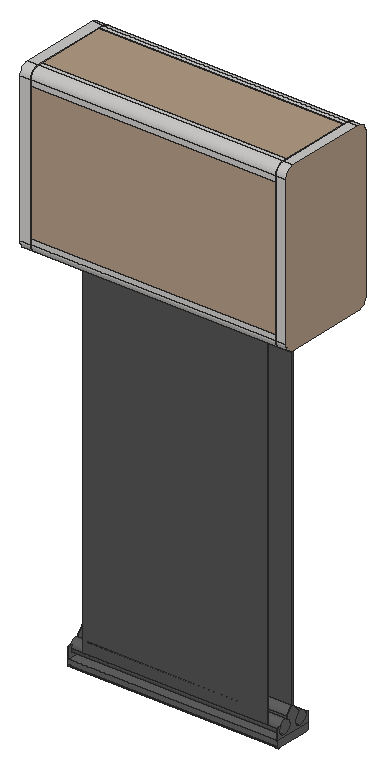
Revit family "Acoustic-Control_Wenger_Transform-Banner-Fabric-Fabric", category Generic Models, Revit 2016
Family settings
  Part Type = Normal
  Can host rebar = No
  Round Connector Dimension = Use Diameter
  Work Plane-Based = Yes
  Always vertical = No
  Cut with Voids When Loaded = No
  Shared = No
  Room Calculation Point = No
Parameters (values of type "Velour Extra Wide Fabric")
  percentopenamount [instance] = if(Percent Open = 0, 0' 0", if(Percent Open = 100, Banner Length, Banner Length / (100 / Percent Open)))  # 3' - 9"
  Warranty Duration (Years) = 0
  Unit Width = 2' - 8"
  Unit Height = 1' - 8"
  Unit Depth = 1' - 0"
  URL = "https://www.wengercorp.com/"
  Standards Conformance = "Fabrics IFR Rated"
  Specification = "http://www.arcat.com/sdspecs/htm04/11_60_01wen.htm"
  SpecWizard = "http://www.arcat.com/specwizard/11061wen/index04.htm"
  Sales Information = "https://www.wengercorp.com/contact-us.php"
  Revision = "R1_2017-12"
  Rear Fabric [instance] = Fabric - Wenger - Black Type as Specified
  Product Properties = ""
  Product Data = "http://www.arcat.com/arcatcos/cos36/arc36487.html"
  Percent Open [instance] = 25
  No Endcaps [instance] = not(Exposed Housing_Endcaps)  # no
  Model = "Transform Fabric Fabric"
  Manufacturer Website = "https://www.wengercorp.com/"
  Manufacturer Phone - Toll Free = ""
  Manufacturer Phone = ""
  Manufacturer Fax = ""
  Manufacturer Address = ""
  Manufacturer = "Wenger Corporation"
  Maintenance Schedule (Months) = 0
  Leading Edge of Banner from Wall [instance] = 0' - 9"
  Keynote = "11 60 01"
  Installation-Fabrication = ""
  Installation Phase = ""
  Green Building-LEED = "http://www.arcat.com/green/clients/leed_data_36487.html"
  Front Fabric [instance] = Fabric - Wenger - Black Type as Specified
  Fixture Finish [instance] = Finish - Wenger - Woodgrain as Specified
  Exposed Housing_Endcaps [instance] = yes
  Expected Lifespan (Years) = 0
  Drawn By = "Sumex Design, Inc. / Robert S. Weygant, CSI, CDT, SCIP"
  Description = "Wenger Wall Mounted Motorized Acoustic Banner - Transform Fabric Fabric as Specified"
  Default Elevation = 0' - 0"
  Copyright = "©Arcat Inc."
  Construction Details = "http://www.arcat.com/details/wengerco/wengerco.html?coid=36487"
  Banner Width Range = "71.5\" - 124.5\""
  Banner Length Range = "Up to 15 ft"
  Banner Length = 15' - 0"
  Banner Lead Material [instance] = Finish - Wenger - Black
  Assembly Code = "E1020300"
  Accent Material [instance] = Finish - Wenger - Metal as Specified
Types (4): name | Banner Width Range | Banner Length Range
  Wool Extra Wide Fabric | "68.5\" - 124.5\"" | "Up to 15 ft"
  Velour Extra Wide Fabric | "71.5\" - 124.5\"" | "Up to 15 ft"
  Wool Standard Width Fabric | "38.5\" - 64.5\"" | "Up to 30 ft"
  Velour Standard Width Fabric | "38.5\" - 70.5\"" | "Up to 30 ft"
Reference planes (in)
  plane 1 "Center (Front/Back)": y = 0
  plane 2 "Bottom": z = 0
  plane 3 "Center (Left/Right)": x = 0
  plane 4 "Front": y = -6
  plane 5 "Back": y = 6
  plane 6 "Left": x = -11.125
  plane 7 "Right": x = 11.125
  plane 8: x = -12.625
  plane 9: x = 12.625
  plane 10: x = 14.875
  plane 11: x = -14.875
  plane 12: x = -16
  plane 13: x = 16
  plane 14: x = 14.75
  plane 15: x = -14.75
  plane 16: y = -3
  plane 17: y = 1.5
  plane 18: z = -45
  plane 19: z = 20
Forms (in)
  Extrusion 1, solid, material "Finish - Wenger - Metal as Specified" <- "Accent Material"
    sketch origin (0, 0, 0) x (0, 1, 0) y (0, 0, 1)
      loop
        line (-4.24997, 0) -> (-4.24997, 0.29374) -> (-4.11722, 0.29374) -> (-4.11722, 1.00344) -> (-5.00111, 1.88732) -> (-5.83561, 1.88732) -> (-5.83561, 1.76369) -> (-6, 1.76369) -> (-6, 1.125)
        arc (-6, 1.125) -> (-5.6705, 0.3295) -> (-4.875, 0) r 1.125
        line (-4.875, 0) -> (-4.24997, 0)
      loop
        line (-4.24997, 20) -> (-4.875, 20)
        arc (-4.875, 20) -> (-5.6705, 19.6705) -> (-6, 18.875) r 1.125
        line (-6, 18.875) -> (-6, 18.23631) -> (-5.83561, 18.23631) -> (-5.83561, 18.11268) -> (-5.00111, 18.11268) -> (-4.11722, 18.99656) -> (-4.11722, 19.70626) -> (-4.24997, 19.70626) -> (-4.24997, 20)
      loop
        line (4.24997, 0) -> (4.875, 0)
        arc (4.875, 0) -> (5.6705, 0.3295) -> (6, 1.125) r 1.125
        line (6, 1.125) -> (6, 1.76369) -> (5.83561, 1.76369) -> (5.83561, 1.88732) -> (5.00111, 1.88732) -> (4.11722, 1.00344) -> (4.11722, 0.29374) -> (4.24997, 0.29374) -> (4.24997, 0)
      loop
        line (4.24997, 20) -> (4.24997, 19.70626) -> (4.11722, 19.70626) -> (4.11722, 18.99656) -> (5.00111, 18.11268) -> (5.83561, 18.11268) -> (5.83561, 18.23631) -> (6, 18.23631) -> (6, 18.875)
        arc (6, 18.875) -> (5.6705, 19.6705) -> (4.875, 20) r 1.125
        line (4.875, 20) -> (4.24997, 20)
    from -14.75 to 14.75
  Extrusion 2, solid, material "Finish - Wenger - Woodgrain as Specified" <- "Fixture Finish"
    sketch origin (0, 0, 0) x (0, 1, 0) y (0, 0, 1)
      loop
        line (-6, 1.76369) -> (-5.83561, 1.76369) -> (-5.83561, 1.88732) -> (-5.00111, 1.88732) -> (-5.00111, 5.38732) -> (5.00111, 5.38732) -> (5.00111, 1.88732) -> (5.83561, 1.88732) -> (5.83561, 1.76369) -> (6, 1.76369) -> (6, 18.23631) -> (4.24997, 18.23631) -> (4.24997, 20) -> (-4.24997, 20) -> (-4.24997, 18.23631) -> (-6, 18.23631) -> (-6, 1.76369)
    from -14.75 to 14.75
  Extrusion 3, solid, material "Finish - Wenger - Metal as Specified" <- "Accent Material", visible <- "No Endcaps"
    sketch origin (14.875, 19.20673, 48) x (0, 1, 0) y (0, 0, 1)
      loop
        line (-24.08173, -48) -> (-14.33173, -48)
        arc (-14.33173, -48) -> (-13.53624, -47.6705) -> (-13.20673, -46.875) r 1.125
        line (-13.20673, -46.875) -> (-13.20673, -29.125)
        arc (-13.20673, -29.125) -> (-13.53624, -28.3295) -> (-14.33173, -28) r 1.125
        line (-14.33173, -28) -> (-24.08173, -28)
        arc (-24.08173, -28) -> (-24.87723, -28.3295) -> (-25.20673, -29.125) r 1.125
        line (-25.20673, -29.125) -> (-25.20673, -46.875)
        arc (-25.20673, -46.875) -> (-24.87723, -47.6705) -> (-24.08173, -48) r 1.125
    from 0 to -0.125
  Extrusion 4, solid, material "Finish - Wenger - Metal as Specified" <- "Accent Material", visible <- "No Endcaps"
    sketch origin (-14.875, 19.20673, 48) x (0, 1, 0) y (0, 0, 1)
      loop
        line (-24.08173, -48) -> (-14.33173, -48)
        arc (-14.33173, -48) -> (-13.53624, -47.6705) -> (-13.20673, -46.875) r 1.125
        line (-13.20673, -46.875) -> (-13.20673, -29.125)
        arc (-13.20673, -29.125) -> (-13.53624, -28.3295) -> (-14.33173, -28) r 1.125
        line (-14.33173, -28) -> (-24.08173, -28)
        arc (-24.08173, -28) -> (-24.87723, -28.3295) -> (-25.20673, -29.125) r 1.125
        line (-25.20673, -29.125) -> (-25.20673, -46.875)
        arc (-25.20673, -46.875) -> (-24.87723, -47.6705) -> (-24.08173, -48) r 1.125
    from 0 to 0.125
  Extrusion 5, solid, material "Finish - Wenger - Black" <- "Banner Lead Material"
    sketch origin (0, 0, -83.23802) x (0, 1, 0) y (0, 0, 1)
      loop
        line (-3, 39.11302) -> (-3, 38.44114)
        arc (-3, 38.44114) -> (-2.94051, 38.29751) -> (-2.79687, 38.23802) r 0.20312
        line (-2.79687, 38.23802) -> (1.29726, 38.23802)
        arc (1.29726, 38.23802) -> (1.44062, 38.2974) -> (1.5, 38.44076) r 0.20274
        line (1.5, 38.44076) -> (1.5, 39.11302) -> (-3, 39.11302)
    from -12.625 to 12.625
  Extrusion 6, solid, material "Finish - Wenger - Black" <- "Banner Lead Material"
    sketch origin (-12.625, 19.20673, -35.23802) x (0, 1, 0) y (0, 0, 1)
      loop
        line (-22.20673, -8.88698) -> (-17.70673, -8.88698) -> (-17.70673, -7.63698) -> (-19.20673, -7.23506) -> (-19.20673, -6.86995) -> (-19.7434, -6.23038)
        arc (-19.7434, -6.23038) -> (-19.95673, -6.1309) -> (-20.17007, -6.23038) r 0.27849
        line (-20.17007, -6.23038) -> (-20.70673, -6.86995) -> (-20.70673, -7.23506) -> (-22.20673, -7.63698) -> (-22.20673, -8.88698)
    from 0 to 0.125
  Extrusion 7, solid, material "Finish - Wenger - Black" <- "Banner Lead Material"
    sketch origin (12.625, 19.20673, -35.23802) x (0, 1, 0) y (0, 0, 1)
      loop
        line (-22.20673, -8.88698) -> (-17.70673, -8.88698) -> (-17.70673, -7.63698) -> (-19.20673, -7.23506) -> (-19.20673, -6.86995) -> (-19.7434, -6.23038)
        arc (-19.7434, -6.23038) -> (-19.95673, -6.1309) -> (-20.17007, -6.23038) r 0.27849
        line (-20.17007, -6.23038) -> (-20.70673, -6.86995) -> (-20.70673, -7.23506) -> (-22.20673, -7.63698) -> (-22.20673, -8.88698)
    from 0 to -0.125
  Extrusion 8, solid, material "Finish - Wenger - Black" <- "Banner Lead Material"
    sketch origin (0, 0, -83.23802) x (0, 1, 0) y (0, 0, 1)
      loop
        circle (-1.93916, 40.1571) r 0.75
      loop
        circle (0.43916, 40.1571) r 0.75
    from -12.625 to 12.625
  Extrusion 9, solid, material "Fabric - Wenger - Black Type as Specified" <- "Front Fabric"
    sketch origin (0, 0, 0) x (0, 1, 0) y (0, 0, 1)
      loop
        line (-2.68916, -43.08092) -> (-2.54218, -43.08092) -> (-2.54218, 5.38732) -> (-2.68916, 5.38732) -> (-2.68916, -43.08092)
    from -11.125 to 11.125
  Extrusion 10, solid, material "Fabric - Wenger - Black Type as Specified" <- "Rear Fabric"
    sketch origin (0, 3.73134, 0) x (0, 1, 0) y (0, 0, 1)
      loop
        line (-2.68916, -43.08092) -> (-2.54218, -43.08092) -> (-2.54218, 5.38732) -> (-2.68916, 5.38732) -> (-2.68916, -43.08092)
    from -11.125 to 11.125
  Extrusion 11, solid, material "Finish - Wenger - Woodgrain as Specified" <- "Fixture Finish"
    sketch origin (0, 0, 0) x (0, 1, 0) y (0, 0, 1)
      loop
        line (4.875, 20) -> (-4.875, 20)
        arc (-4.875, 20) -> (-5.6705, 19.6705) -> (-6, 18.875) r 1.125
        line (-6, 18.875) -> (-6, 1.125)
        arc (-6, 1.125) -> (-5.6705, 0.3295) -> (-4.875, 0) r 1.125
        line (-4.875, 0) -> (4.875, 0)
        arc (4.875, 0) -> (5.6705, 0.3295) -> (6, 1.125) r 1.125
        line (6, 1.125) -> (6, 18.875)
        arc (6, 18.875) -> (5.6705, 19.6705) -> (4.875, 20) r 1.125
    from 14.75 to 16
  Extrusion 12, solid, material "Finish - Wenger - Woodgrain as Specified" <- "Fixture Finish"
    sketch origin (0, 0, 0) x (0, 1, 0) y (0, 0, -1)
      loop
        arc (4.875, -20) -> (5.6705, -19.6705) -> (6, -18.875) r 1.125
        line (6, -18.875) -> (6, -1.125)
        arc (6, -1.125) -> (5.6705, -0.3295) -> (4.875, 0) r 1.125
        line (4.875, 0) -> (-4.875, 0)
        arc (-4.875, 0) -> (-5.6705, -0.3295) -> (-6, -1.125) r 1.125
        line (-6, -1.125) -> (-6, -18.875)
        arc (-6, -18.875) -> (-5.6705, -19.6705) -> (-4.875, -20) r 1.125
        line (-4.875, -20) -> (4.875, -20)
    from 14.75 to 16
Dimensions and locks (in)
  equal spacing: plane 6 "Left", plane 3 "Center (Left/Right)", plane 7 "Right"
  equal spacing: plane 5 "Back", plane 1 "Center (Front/Back)", plane 4 "Front"
  "Unit Depth": plane 5 "Back" to plane 4 "Front"
  locked: plane 8 to plane 6 "Left" at 1.5
  locked: plane 7 "Right" to plane 9 at 1.5
  locked: plane 11 to plane 6 "Left" at 3.75
  locked: plane 7 "Right" to plane 10 at 3.75
  locked: plane 12 to plane 11 at 1.125
  locked: plane 10 to plane 13 at 1.125
  locked: plane 11 to plane 15 at 0.125
  locked: plane 14 to plane 10 at 0.125
  "Leading Edge of Banner from Wall": plane 16 to plane 5 "Back"
  locked: plane 16 to plane 17 at 4.5
  locked: plane 16 to Extrusion 5 sketch curve at 0.20312
  locked: Extrusion 5 sketch curve to plane 17 at 0.20274
  locked: plane 16 to Extrusion 7 sketch curve at 1.5
  locked: Extrusion 7 sketch curve to plane 17 at 1.5
  equal spacing: plane 16, Extrusion 7 sketch curve, plane 17
  locked: plane 16 to Extrusion 6 sketch curve at 1.5
  locked: Extrusion 6 sketch curve to plane 17 at 1.5
  equal spacing: plane 16, Extrusion 6 sketch curve, plane 17
  locked: plane 16 to Extrusion 8 sketch curve at 1.06084
  locked: Extrusion 8 sketch curve to plane 17 at 1.06084
  "percentopenamount": level to plane 18
  locked: Extrusion 8 sketch curve to plane 18 at 1.91908  (x2)
  Extrusion 7 to plane 18 to Extrusion 5 sketch curve = 0' - 0 7/8" locked, 0' - 0" locked
  Extrusion 7 sketch curve to Extrusion 7 sketch curve to Extrusion 7 sketch curve to Extrusion 7 sketch curve to plane 18 = 0' - 1.50608" locked, 0' - 0" locked, 0' - 1 1/4" locked, 0' - 0 7/8" locked
  Extrusion 6 sketch curve to Extrusion 6 sketch curve to Extrusion 6 sketch curve to Extrusion 6 sketch curve to plane 18 = 0' - 1.50608" locked, 0' - 0" locked, 0' - 1 1/4" locked, 0' - 0 7/8" locked
  locked: Extrusion 9 sketch curve to plane 18 at 1.91908
  locked: Extrusion 10 sketch curve to plane 18 at 1.91908
  plane 4 "Front" to Extrusion 1 sketch curve to Extrusion 1 sketch curve = 0' - 1.75003" locked, 0' - 0.13274" locked
  locked: plane 4 "Front" to Extrusion 3 sketch curve at 1.125  (x2)
  plane 4 "Front" to Extrusion 1 sketch curve to Extrusion 1 sketch curve to Extrusion 1 sketch curve = 0' - 1 1/8" locked, 0' - 0.62503" locked, 0' - 0.13274" locked
  locked: plane 4 "Front" to Extrusion 1 sketch curve at 1.125
  locked: plane 4 "Front" to Extrusion 4 sketch curve at 1.125  (x2)
  locked: plane 4 "Front" to Extrusion 2 sketch curve at 1.75003
  locked: plane 4 "Front" to Extrusion 2 sketch curve at 0.99889
  Extrusion 10 sketch curve to Extrusion 10 sketch curve to plane 17 = 0' - 0.14698" locked, 0' - 0.31084" locked
  plane 16 to Extrusion 9 sketch curve to Extrusion 9 sketch curve = 0' - 0.31084" locked, 0' - 0.14698" locked
  "Unit Width": plane 13 to plane 12
  "Unit Height": plane 19 to level
  aligned and locked: plane 15 to Extrusion 1
  aligned and locked: Extrusion 1 to plane 14
  aligned and locked: plane 15 to Extrusion 2
  aligned and locked: Extrusion 2 to plane 14
  aligned and locked: plane 8 to Extrusion 5
  aligned and locked: Extrusion 5 to plane 9
  aligned and locked: plane 16 to Extrusion 5 sketch curve
  aligned and locked: plane 17 to Extrusion 5 sketch curve
  aligned and locked: Extrusion 7 sketch curve to plane 16
  aligned and locked: Extrusion 7 sketch curve to plane 17
  aligned and locked: Extrusion 6 sketch curve to plane 16
  aligned and locked: Extrusion 6 sketch curve to plane 17
  aligned and locked: Extrusion 8 to plane 9
  aligned and locked: plane 8 to Extrusion 8
  aligned and locked: Extrusion 10 to plane 6 "Left"
  aligned and locked: Extrusion 10 to plane 7 "Right"
  aligned and locked: Extrusion 9 to plane 7 "Right"
  aligned and locked: Extrusion 9 to plane 6 "Left"
  aligned and locked: plane 13 to Extrusion 11
  aligned and locked: plane 14 to Extrusion 11
  aligned and locked: Extrusion 12 to plane 15
  aligned and locked: Extrusion 12 to plane 12
Automatic sketch dimensions
  Extrusion 1 sketch curve to plane 4 "Front" = 0' - 0"  (x2)
  Extrusion 1 sketch curve to level = 0' - 0"  (x2)
  plane 19 to Extrusion 1 sketch curve = 0' - 0"  (x2)
  Extrusion 1 sketch curve to plane 5 "Back" = 0' - 0"  (x2)
  plane 4 "Front" to Extrusion 1 sketch curve = 0' - 0.16439"  (x2)
  Extrusion 1 sketch curve to Extrusion 1 sketch curve = 0' - 0.12611"  (x4)
  Extrusion 1 sketch curve to plane 5 "Back" = 0' - 1.88278"  (x2)
  plane 19 to Extrusion 1 sketch curve = 0' - 0.29374"  (x2)
  Extrusion 1 sketch curve to Extrusion 1 sketch curve = 0' - 0.13274"  (x2)
  Extrusion 1 sketch curve to Extrusion 1 sketch curve = 0' - 0.62503"
  Extrusion 1 sketch curve to Extrusion 1 sketch curve = 0' - 0.75778"
  Extrusion 1 sketch curve to plane 5 "Back" = 0' - 0.16439"
  Extrusion 1 sketch curve to Extrusion 1 sketch curve = 0' - 0.16439"
  level to Extrusion 1 sketch curve = 0' - 0.29374"  (x2)
  Extrusion 1 sketch curve to Extrusion 1 sketch curve = 0' - 0.7097"  (x3)
  Extrusion 1 sketch curve to Extrusion 1 sketch curve = 0' - 0.63869"  (x2)
  Extrusion 1 sketch curve to Extrusion 1 sketch curve = 0' - 0.12363"  (x3)
  Extrusion 1 sketch curve to Extrusion 1 sketch curve = 0' - 0.76232"  (x3)
  Extrusion 1 sketch curve to Extrusion 1 sketch curve = 0' - 0.12156"
  Extrusion 2 sketch curve to plane 4 "Front" = 0' - 0"
  plane 19 to Extrusion 2 sketch curve = 0' - 0"
  Extrusion 2 sketch curve to plane 5 "Back" = 0' - 0"
  Extrusion 2 sketch curve to Extrusion 2 sketch curve = 0' - 0.16439"
  Extrusion 2 sketch curve to Extrusion 2 sketch curve = 0' - 1.75003"
  Extrusion 2 sketch curve to plane 5 "Back" = 0' - 0.99889"
  Extrusion 2 sketch curve to plane 5 "Back" = 0' - 0.16439"
  plane 19 to Extrusion 2 sketch curve = 0' - 1.76369"  (x2)
  level to Extrusion 2 sketch curve = 0' - 5.38732"
  level to Extrusion 2 sketch curve = 0' - 1.88732"  (x2)
  Extrusion 2 sketch curve to Extrusion 2 sketch curve = 0' - 0.12363"  (x2)
  Extrusion 3 sketch curve to plane 4 "Front" = 0' - 0"
  Extrusion 3 sketch curve to level = 0' - 0"
  plane 19 to Extrusion 3 sketch curve = 0' - 0"
  Extrusion 3 sketch curve to plane 5 "Back" = 0' - 0"
  Extrusion 3 sketch curve to Extrusion 3 sketch curve = 0' - 1 1/8"
  Extrusion 3 sketch curve to plane 5 "Back" = 0' - 1 1/8"
  Extrusion 4 sketch curve to plane 4 "Front" = 0' - 0"
  Extrusion 4 sketch curve to level = 0' - 0"
  plane 19 to Extrusion 4 sketch curve = 0' - 0"
  Extrusion 4 sketch curve to plane 5 "Back" = 0' - 0"
  Extrusion 4 sketch curve to Extrusion 4 sketch curve = 0' - 1 1/8"
  Extrusion 4 sketch curve to plane 5 "Back" = 0' - 1 1/8"
  Extrusion 5 sketch curve to Extrusion 5 sketch curve = 0' - 0.67226"
  Extrusion 6 sketch curve to Extrusion 6 sketch curve = 0' - 0.21333"  (x2)
  Extrusion 6 sketch curve to Extrusion 6 sketch curve = 0' - 0.40192"
  Extrusion 6 sketch curve to Extrusion 6 sketch curve = 0' - 0"
  Extrusion 6 sketch curve to Extrusion 6 sketch curve = 0' - 0.36511"  (x2)
  Extrusion 6 sketch curve to Extrusion 6 sketch curve = 0' - 0.46057"
  Extrusion 7 sketch curve to Extrusion 7 sketch curve = 0' - 0.21333"  (x2)
  Extrusion 7 sketch curve to Extrusion 7 sketch curve = 0' - 0.40192"
  Extrusion 7 sketch curve to Extrusion 7 sketch curve = 0' - 0"
  Extrusion 7 sketch curve to Extrusion 7 sketch curve = 0' - 0.36511"  (x2)
  Extrusion 7 sketch curve to Extrusion 7 sketch curve = 0' - 0.46057"
  level to Extrusion 9 sketch curve = 0' - 5.38732"
  level to Extrusion 10 sketch curve = 0' - 5.38732"
  Extrusion 11 sketch curve to plane 4 "Front" = 0' - 0"
  Extrusion 11 sketch curve to level = 0' - 0"
  plane 19 to Extrusion 11 sketch curve = 0' - 0"
  Extrusion 11 sketch curve to plane 5 "Back" = 0' - 0"
  plane 4 "Front" to Extrusion 11 sketch curve = 0' - 1 1/8"  (x2)
  Extrusion 11 sketch curve to plane 5 "Back" = 0' - 1 1/8"  (x2)
  Extrusion 12 sketch curve to plane 4 "Front" = 0' - 0"
  Extrusion 12 sketch curve to level = 0' - 0"
  plane 19 to Extrusion 12 sketch curve = 0' - 0"
  Extrusion 12 sketch curve to plane 5 "Back" = 0' - 0"
  plane 4 "Front" to Extrusion 12 sketch curve = 0' - 1 1/8"  (x2)
  Extrusion 12 sketch curve to plane 5 "Back" = 0' - 1 1/8"  (x2)
  radius of Extrusion 8 sketch curve = 0' - 0 3/4"  (x2)
